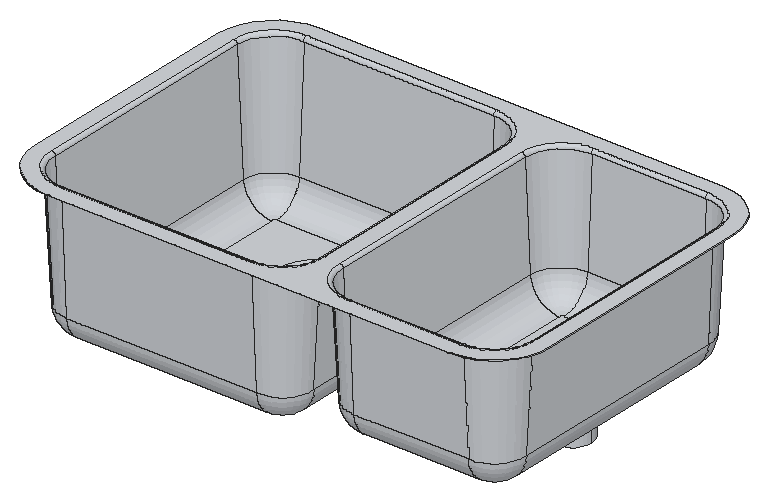
Revit family "Sink_Kitchen_Abey_Builders_OneAndThreeQuarterBowl_R50_FaceBased", category Plumbing Fixtures, host Face, Revit 2022
Family settings
  Host = Face
  Round Connector Dimension = Use Diameter
  Part Type = Normal
  OmniClass Number = 23.31.13.00
  OmniClass Title = Sinks
  Cut with Voids When Loaded = Yes
  Maintain Annotation Orientation = No
  Shared = No
  Room Calculation Point = No
Parameters (values of type "RFA180")
  Waste Connection = yes
  VoidHeightCalc [instance] = if(AboveMount, -40 mm, ManufacturerOverallHeight)  # -40 mm
  Vent Connection = no
  Uniclass2015Version = "Products v1.38"
  Uniclass2015Title = "Kitchen sinks"
  Uniclass2015Code = "Pr_40_20_96_45"
  UnderMount [instance] = no
  URL = "https://www.abey.com.au/"
  Type Comments = "Sink - Kitchen - One And Three Quarter  Bowl - R50 - One And Three Quarter  Bowl Stainless Steel"
  PopOutMaterial = Metal_Abey_StainlessSteel
  ModifiedIssue = 20251103
  Model = "RFA180"
  BodyMaterial = Metal_Abey_StainlessSteel
  ManufacturerURLProductSpecific = "https://www.abeyspecifier.com.au/product/r50-1-3-4-bowl-sink/"
  ManufacturerSpecCode = Model  # "RFA180"
  ManufacturerOverallWidth = 692 mm  # constant formula
  ManufacturerOverallHeight = 200 mm  # constant formula
  ManufacturerOverallDepth = 457 mm  # constant formula
  Manufacturer = "Abey"
  Keynote = ""
  IfcExportType = "SINK"
  IfcExportAs = "IfcSanitaryTerminal"
  HW Connection = no
  FlushMount [instance] = no
  Description = "Abey R50 One& One Third Bowl Sink"
  Default Elevation = 900 mm
  CreatedByURL = "https://igsgroup.com.au"
  CreatedBy = "IGS BIM Solutions"  # constant formula
  Cost = 0
  CW Connection = no
  BasinElevationCalc [instance] = if(UnderMount, 41 mm, if(FlushMount, 1 mm, 0 mm))  # 0 mm
  Assembly Code = "D2010410"
  AboveMount [instance] = yes
Reference planes
  plane 1 "DrainCenter (Front/Back)": y = -43
  plane 2 "WallFace": z = 0
  plane 3 "SinkCenter (Left/Right)": x = 18.07
  plane 4 "Front": y = -346.5
  plane 5 "Back": y = 110.5
  plane 6 "Left": x = -378.93
  plane 7 "Right": x = 313.07
  plane 8 "Top": z = 1
  plane 9 "Bottom": z = -199
  plane 10 "LipBottom": z = 0
Forms (mm)
  Extrusion 1, void
    sketch origin (-129.63, -1678.5, 0) x (0, -1, 0) y (1, 0, 0)
      loop
        arc (-1714, 427.7) -> (-1756.426, 410.126) -> (-1774, 367.7) r 60
        line (-1774, 367.7) -> (-1774, -174.3)
        arc (-1774, -174.3) -> (-1756.426, -216.726) -> (-1714, -234.3) r 60
        line (-1714, -234.3) -> (-1407, -234.3)
        arc (-1407, -234.3) -> (-1364.574, -216.726) -> (-1347, -174.3) r 60
        line (-1347, -174.3) -> (-1347, 367.7)
        arc (-1347, 367.7) -> (-1364.574, 410.126) -> (-1407, 427.7) r 60
        line (-1407, 427.7) -> (-1714, 427.7)
    from 0 to -199
  Extrusion 2, void
    sketch origin (-129.63, -1678.5, 1) x (0, -1, 0) y (-1, 0, 0)
      loop
        arc (-1714, 249.3) -> (-1767.033, 227.333) -> (-1789, 174.3) r 75
        line (-1789, 174.3) -> (-1789, -367.7)
        arc (-1789, -367.7) -> (-1767.033, -420.733) -> (-1714, -442.7) r 75
        line (-1714, -442.7) -> (-1407, -442.7)
        arc (-1407, -442.7) -> (-1353.967, -420.733) -> (-1332, -367.7) r 75
        line (-1332, -367.7) -> (-1332, 174.3)
        arc (-1332, 174.3) -> (-1353.967, 227.333) -> (-1407, 249.3) r 75
        line (-1407, 249.3) -> (-1714, 249.3)
    from 0 to -40 <- "VoidHeightCalc"
  Extrusion 3, void
    sketch origin (-129.63, -1678.5, 1) x (0, -1, 0) y (1, 0, 0)
      loop
        line (-1769, 367.7) -> (-1769, -174.3)
        arc (-1769, -174.3) -> (-1752.891, -213.191) -> (-1714, -229.3) r 55
        line (-1714, -229.3) -> (-1407, -229.3)
        arc (-1407, -229.3) -> (-1368.109, -213.191) -> (-1352, -174.3) r 55
        line (-1352, -174.3) -> (-1352, 367.7)
        arc (-1352, 367.7) -> (-1368.109, 406.591) -> (-1407, 422.7) r 55
        line (-1407, 422.7) -> (-1714, 422.7)
        arc (-1714, 422.7) -> (-1752.891, 406.591) -> (-1769, 367.7) r 55
    from 0 to 40
Text (mm)
  text "Disclaimer:\nDue to ongoing product development and manufacturing evolution, product details are subject to change without notice. Please refer to product technical data sheets on the manufacturers website for the most current product information. Please allow a +/- 5mm manufacturing tolerance for dimensions and set-outs shown in product literature." at (479.514, 74.225, 0), in view "Ref. Level"
Dimensions and locks
  "ManufacturerOverallWidth": plane 6 "Left" to plane 7 "Right"
  "ManufacturerOverallDepth": plane 4 "Front" to plane 5 "Back"
  locked: plane 6 "Left" to plane 3 "SinkCenter (Left/Right)" at 397
  locked: plane 1 "DrainCenter (Front/Back)" to plane 5 "Back" at 153.5
  "ManufacturerOverallHeight": plane 8 "Top" to plane 9 "Bottom"
  locked: plane 8 "Top" to plane 10 "LipBottom" at 1
  "BasinElevationCalc": plane 2 "WallFace" to plane 10 "LipBottom"
  aligned and locked: plane 2 "WallFace" to host face
  aligned and locked: nested 1 to plane 9 "Bottom"
  aligned and locked: nested 1 to plane 3 "SinkCenter (Left/Right)"
Automatic sketch dimensions
  host sketch curve to host sketch curve = 761.75 mm
  host sketch curve to host sketch curve = 527.459 mm
  plane 5 "Back" to Extrusion 3 sketch curve = 20 mm
  Extrusion 3 sketch curve to plane 6 "Left" = 20 mm
  plane 5 "Back" to Extrusion 3 sketch curve = 75 mm
  Extrusion 3 sketch curve to Extrusion 3 sketch curve = 55 mm
  plane 4 "Front" to Extrusion 3 sketch curve = 75 mm  (x2)
  plane 4 "Front" to Extrusion 3 sketch curve = 20 mm
  Extrusion 3 sketch curve to plane 7 "Right" = 75 mm
  plane 5 "Back" to Extrusion 2 sketch curve = 0 mm
  Extrusion 2 sketch curve to plane 6 "Left" = 0 mm
  Extrusion 2 sketch curve to plane 7 "Right" = 0 mm
  Extrusion 2 sketch curve to plane 4 "Front" = 0 mm
  plane 5 "Back" to Extrusion 2 sketch curve = 75 mm  (x2)
  plane 4 "Front" to Extrusion 2 sketch curve = 75 mm
  Extrusion 2 sketch curve to Extrusion 2 sketch curve = 75 mm
  plane 5 "Back" to Extrusion 1 sketch curve = 15 mm
  Extrusion 1 sketch curve to Extrusion 1 sketch curve = 60 mm  (x2)
  Extrusion 1 sketch curve to plane 7 "Right" = 15 mm
  plane 4 "Front" to Extrusion 1 sketch curve = 75 mm  (x2)
  plane 4 "Front" to Extrusion 1 sketch curve = 15 mm
  Extrusion 1 sketch curve to plane 6 "Left" = 75 mm
Nested families
  nested 1: "z_Sink_Kitchen_Abey_Builders_OneAndThreeQuarterBowl_R50" at (-64.63, -154.5, 0), UnderMount <- "UnderMount", FlushMount <- "FlushMount", AboveMount <- "AboveMount", type "Type 1"
    with VoidHeightCalc -40 mm, UnderMount no, FlushMount no, BasinElevationCalc 0 mm, AboveMount yes
Connectors
  piping at (-175.43, -43, -280), diameter 50, driven by "Waste Connection"
    settings: on nested 1, index 2, connector inside diameter 24", connector length 0 mm, flow factor 0, pipe flow 0.00 L/s, pressure drop 0 kPa, fitting loss kfactor 0, connector angle 0.00°, fixture units 0, engagement length 0 mm, angle of deflection 0.00°, flow configuration 2, flow direction 2, fitting loss method 4, system type 16, joint type 0, gender type 0, connector reference index -1, connector utility 1, adjustable connector no, is connector primary yes, connector description "Waste Outlet"
  piping at (160.57, -43, -260), diameter 50, driven by "Waste Connection"
    settings: on nested 1, index 3, connector inside diameter 24", connector length 0 mm, flow factor 0, pipe flow 0.00 L/s, pressure drop 0 kPa, fitting loss kfactor 0, connector angle 0.00°, fixture units 0, engagement length 0 mm, angle of deflection 0.00°, flow configuration 2, flow direction 2, fitting loss method 4, system type 16, joint type 0, gender type 0, connector reference index -1, connector utility 1, adjustable connector no, is connector primary no, connector description "Waste Outlet"
Definition of nested family "z_Sink_Kitchen_Abey_Builders_OneAndThreeQuarterBowl_R50"
  Parameters (values of type "Type 1")
    Waste Connection = yes
    VoidHeightCalc [instance] = if(AboveMount, -40 mm, ManufacturerOverallHeight)  # 200 mm
    Vent Connection = no
    UnderMount [instance] = yes
    URL = "https://www.abey.com.au/"
    Type Comments = ""
    PopOutMaterial = none
    Model = ""
    Default Elevation = 0 mm
    BasinElevationCalc [instance] = if(UnderMount, 41 mm, if(FlushMount, 1 mm, 0 mm))  # 41 mm
    FlushMount [instance] = no
    BodyMaterial = none
    ManufacturerOverallWidth = 692 mm  # constant formula
    ManufacturerOverallHeight = 200 mm  # constant formula
    ManufacturerOverallDepth = 457 mm  # constant formula
    Manufacturer = "Abey"
    HW Connection = no
    Description = ""
    CreatedByURL = "https://igsgroup.com.au"
    CreatedBy = "IGS BIM Solutions"  # constant formula
    CW Connection = no
    Assembly Code = "D2010410"
    AboveMount [instance] = no
  Reference planes
    plane 1 "Ref. Level": z = 0
    plane 2 "Left": x = -314.3
    plane 3 "Right": x = 377.7
    plane 4 "Back": y = 265
    plane 5 "Front": y = -192
    plane 6 "Bottom": z = -240
    plane 7 "Top": z = -40
    plane 8 "MountingHeight": z = -41
    plane 9 "SinkCenter (Left/Right)": x = 82.7
    plane 10 "DrainCenter (Front/Back)": y = 111.5
  Forms (mm)
    Extrusion 1, solid, material <- "BodyMaterial"
      sketch origin (-65, -1524, -40) x (0, -1, 0) y (-1, 0, 0)
        loop
          line (-1789, 174.3) -> (-1789, -367.7)
          arc (-1789, -367.7) -> (-1767.033, -420.733) -> (-1714, -442.7) r 75
          line (-1714, -442.7) -> (-1407, -442.7)
          arc (-1407, -442.7) -> (-1353.967, -420.733) -> (-1332, -367.7) r 75
          line (-1332, -367.7) -> (-1332, 174.3)
          arc (-1332, 174.3) -> (-1353.967, 227.333) -> (-1407, 249.3) r 75
          line (-1407, 249.3) -> (-1714, 249.3)
          arc (-1714, 249.3) -> (-1767.033, 227.333) -> (-1789, 174.3) r 75
        loop
          arc (-1346.52, 173.545) -> (-1364.455, 216.845) -> (-1407.755, 234.78) r 61.235
          line (-1407.755, 234.78) -> (-1713.245, 234.78)
          arc (-1713.245, 234.78) -> (-1756.545, 216.845) -> (-1774.48, 173.545) r 61.235
          line (-1774.48, 173.545) -> (-1774.48, -81.945)
          arc (-1774.48, -81.945) -> (-1756.545, -125.245) -> (-1713.245, -143.18) r 61.235
          line (-1713.245, -143.18) -> (-1407.755, -143.18)
          arc (-1407.755, -143.18) -> (-1364.455, -125.245) -> (-1346.52, -81.945) r 61.235
          line (-1346.52, -81.945) -> (-1346.52, 173.545)
        loop
          arc (-1771.245, -366.945) -> (-1754.257, -407.957) -> (-1713.245, -424.945) r 58
          line (-1713.245, -424.945) -> (-1407.755, -424.945)
          arc (-1407.755, -424.945) -> (-1366.743, -407.957) -> (-1349.755, -366.945) r 58
          line (-1349.755, -366.945) -> (-1349.755, -213.455)
          arc (-1349.755, -213.455) -> (-1366.743, -172.443) -> (-1407.755, -155.455) r 58
          line (-1407.755, -155.455) -> (-1713.245, -155.455)
          arc (-1713.245, -155.455) -> (-1754.257, -172.443) -> (-1771.245, -213.455) r 58
          line (-1771.245, -213.455) -> (-1771.245, -366.945)
      from 0 to 1
    Sweep 2, solid, material <- "BodyMaterial"
      path origin (0, 0, -240) x (0, -1, 0) y (1, 0, 0)
        loop
          arc (116.245, -293.545) -> (155.136, -277.436) -> (171.245, -238.545) r 55
          line (171.245, -238.545) -> (171.245, 16.945)
          arc (171.245, 16.945) -> (155.136, 55.836) -> (116.245, 71.945) r 55
          line (116.245, 71.945) -> (-189.245, 71.945)
          arc (-189.245, 71.945) -> (-228.136, 55.836) -> (-244.245, 16.945) r 55
          line (-244.245, 16.945) -> (-244.245, -238.545)
          arc (-244.245, -238.545) -> (-228.136, -277.436) -> (-189.245, -293.545) r 55
          line (-189.245, -293.545) -> (116.245, -293.545)
      profile origin (-293.545, 36.5, -240) x (-1, 0, 0) y (0, 0, 1)
        loop
          line (-4.993, 195.262) -> (-13.339, 36.011)
          arc (-13.339, 36.011) -> (-25.13, 10.436) -> (-51.287, 0) r 38
          line (-51.287, 0) -> (-53, 0) -> (-53, -1) -> (-51.287, -1)
          arc (-51.287, -1) -> (-24.441, 9.71) -> (-12.34, 35.959) r 39
          line (-12.34, 35.959) -> (-3.995, 195.209)
          arc (-3.995, 195.209) -> (-2.753, 197.901) -> (0, 199) r 4
          line (0, 199) -> (6.235, 199) -> (6.235, 200) -> (0, 200)
          arc (0, 200) -> (-3.442, 198.627) -> (-4.993, 195.262) r 5
    Extrusion 3, solid, material <- "BodyMaterial"
      sketch origin (0, 0, -240) x (0, -1, 0) y (1, 0, 0)
        loop
          arc (-191.245, -238.545) -> (-190.659, -239.959) -> (-189.245, -240.545) r 2
          line (-189.245, -240.545) -> (116.245, -240.545)
          arc (116.245, -240.545) -> (117.659, -239.959) -> (118.245, -238.545) r 2
          line (118.245, -238.545) -> (118.245, 16.945)
          arc (118.245, 16.945) -> (117.659, 18.359) -> (116.245, 18.945) r 2
          line (116.245, 18.945) -> (-189.245, 18.945)
          arc (-189.245, 18.945) -> (-190.659, 18.359) -> (-191.245, 16.945) r 2
          line (-191.245, 16.945) -> (-191.245, -238.545)
        loop
          circle (-111.5, -110.8) r 61.25
      from 0 to -1
    Revolve 4, solid, material <- "BodyMaterial"
      sketch origin (0, 111.5, 0) x (1, 0, 0) y (0, 0, 1)
        loop
          line (-155.8, -249.059) -> (-167.754, -246.518) -> (-172.05, -240) -> (-173.248, -240) -> (-168.364, -247.411) -> (-155.8, -250.082) -> (-155.8, -249.059)
        axis (-110.8, -240) -> (-110.8, -250.082)
      angle from 0 to 360
    Sweep 5, solid, material <- "BodyMaterial"
      path origin (0, 0, -240) x (0, -1, 0) y (1, 0, 0)
        loop
          arc (116.245, 93.455) -> (155.136, 109.564) -> (171.245, 148.455) r 55
          line (171.245, 148.455) -> (171.245, 301.945)
          arc (171.245, 301.945) -> (155.136, 340.836) -> (116.245, 356.945) r 55
          line (116.245, 356.945) -> (-189.245, 356.945)
          arc (-189.245, 356.945) -> (-228.136, 340.836) -> (-244.245, 301.945) r 55
          line (-244.245, 301.945) -> (-244.245, 148.455)
          arc (-244.245, 148.455) -> (-228.136, 109.564) -> (-189.245, 93.455) r 55
          line (-189.245, 93.455) -> (116.245, 93.455)
      profile origin (93.455, 36.5, -240) x (-1, 0, 0) y (0, 0, 1)
        loop
          line (0, 199) -> (3, 199) -> (3, 200) -> (0, 200)
          arc (0, 200) -> (-3.442, 198.627) -> (-4.993, 195.262) r 5
          line (-4.993, 195.262) -> (-12.241, 56.959)
          arc (-12.241, 56.959) -> (-24.342, 30.71) -> (-51.188, 20) r 39
          line (-51.188, 20) -> (-53, 20) -> (-53, 19) -> (-51.188, 19)
          arc (-51.188, 19) -> (-23.654, 29.985) -> (-11.243, 56.907) r 40
          line (-11.243, 56.907) -> (-3.995, 195.209)
          arc (-3.995, 195.209) -> (-2.753, 197.901) -> (0, 199) r 4
    Revolve 6, solid, material <- "BodyMaterial"
      sketch origin (336, 111.5, 20) x (1, 0, 0) y (0, 0, 1)
        loop
          line (-155.8, -249.059) -> (-167.754, -246.518) -> (-172.05, -240) -> (-173.248, -240) -> (-168.364, -247.411) -> (-155.8, -250.082) -> (-155.8, -249.059)
        axis (-110.8, -240) -> (-110.8, -250.082)
      angle from 0 to 360
    Extrusion 7, solid, material <- "BodyMaterial"
      sketch origin (0, 0, -240) x (0, -1, 0) y (1, 0, 0)
        loop
          arc (-191.245, 148.455) -> (-190.659, 147.041) -> (-189.245, 146.455) r 2
          line (-189.245, 146.455) -> (116.245, 146.455)
          arc (116.245, 146.455) -> (117.659, 147.041) -> (118.245, 148.455) r 2
          line (118.245, 148.455) -> (118.245, 301.945)
          arc (118.245, 301.945) -> (117.659, 303.359) -> (116.245, 303.945) r 2
          line (116.245, 303.945) -> (-189.245, 303.945)
          arc (-189.245, 303.945) -> (-190.659, 303.359) -> (-191.245, 301.945) r 2
          line (-191.245, 301.945) -> (-191.245, 148.455)
        loop
          circle (-111.5, 225.2) r 61.25
      from 19 to 20
  Cuts and joins
    joined: Extrusion 1, Sweep 2, Extrusion 3, Revolve 4, Sweep 5, Revolve 6, Extrusion 7
  Lines and regions (mm)
    Masking region 1, visible <- "AboveMount"
      outline origin (0, 0, -40) x (0, -1, 0) y (1, 0, 0)
        loop
          arc (-265, -239.3) -> (-243.033, -292.333) -> (-190, -314.3) r 75
          line (-190, -314.3) -> (117, -314.3)
          arc (117, -314.3) -> (170.033, -292.333) -> (192, -239.3) r 75
          line (192, -239.3) -> (192, 302.7)
          arc (192, 302.7) -> (170.033, 355.733) -> (117, 377.7) r 75
          line (117, 377.7) -> (-190, 377.7)
          arc (-190, 377.7) -> (-243.033, 355.733) -> (-265, 302.7) r 75
          line (-265, 302.7) -> (-265, -239.3)
    Masking region 2, visible <- "UnderMount"
      outline origin (0, 0, -40) x (0, -1, 0) y (1, 0, 0)
        loop
          arc (-245, -239.3) -> (-228.891, -278.191) -> (-190, -294.3) r 55
          line (-190, -294.3) -> (117, -294.3)
          arc (117, -294.3) -> (155.891, -278.191) -> (172, -239.3) r 55
          line (172, -239.3) -> (172, 302.7)
          arc (172, 302.7) -> (155.891, 341.591) -> (117, 357.7) r 55
          line (117, 357.7) -> (-190, 357.7)
          arc (-190, 357.7) -> (-228.891, 341.591) -> (-245, 302.7) r 55
          line (-245, 302.7) -> (-245, -239.3)
    Masking region 3, visible <- "FlushMount"
      outline origin (0, 0, -40) x (0, -1, 0) y (1, 0, 0)
        loop
          arc (-265, -239.3) -> (-243.033, -292.333) -> (-190, -314.3) r 75
          line (-190, -314.3) -> (117, -314.3)
          arc (117, -314.3) -> (170.033, -292.333) -> (192, -239.3) r 75
          line (192, -239.3) -> (192, 302.7)
          arc (192, 302.7) -> (170.033, 355.733) -> (117, 377.7) r 75
          line (117, 377.7) -> (-190, 377.7)
          arc (-190, 377.7) -> (-243.033, 355.733) -> (-265, 302.7) r 75
          line (-265, 302.7) -> (-265, -239.3)
    symbolic lines, detail levels medium+fine
      curve 1: arc (-238.8, 229.5, -40) -> (-267.084, 217.784, -40) -> (-278.8, 189.5, -40) r 40
      curve 2: line (-278.8, 189.5, -40) -> (-278.8, -116.5, -40)
      curve 3: arc (-278.8, -116.5, -40) -> (-267.084, -144.784, -40) -> (-238.8, -156.5, -40) r 40
      curve 4: line (-238.8, -156.5, -40) -> (17.2, -156.5, -40)
      curve 5: arc (17.2, -156.5, -40) -> (45.484, -144.784, -40) -> (57.2, -116.5, -40) r 40
      curve 6: line (57.2, -116.5, -40) -> (57.2, 189.5, -40)
      curve 7: arc (57.2, 189.5, -40) -> (45.484, 217.784, -40) -> (17.2, 229.5, -40) r 40
      curve 8: line (17.2, 229.5, -40) -> (-238.8, 229.5, -40)
      curve 9: line (302.2, 229.5, -40) -> (148.2, 229.5, -40)
      curve 10: line (108.2, 189.5, -40) -> (108.2, -116.5, -40)
      curve 11: line (302.2, -156.5, -40) -> (148.2, -156.5, -40)
      curve 12: line (342.2, 189.5, -40) -> (342.2, -116.5, -40)
      curve 13: arc (108.2, -116.5, -40) -> (119.916, -144.784, -40) -> (148.2, -156.5, -40) r 40
      curve 14: arc (302.2, -156.5, -40) -> (330.484, -144.784, -40) -> (342.2, -116.5, -40) r 40
      curve 15: arc (342.2, 189.5, -40) -> (330.484, 217.784, -40) -> (302.2, 229.5, -40) r 40
      curve 16: arc (108.2, 189.5, -40) -> (119.916, 217.784, -40) -> (148.2, 229.5, -40) r 40
      curve 17: line (-288.8, -116.5, -40) -> (-288.8, 189.5, -40)
      curve 18: line (17.2, -166.5, -40) -> (-238.8, -166.5, -40)
      curve 19: line (67.2, 189.5, -40) -> (67.2, -116.5, -40)
      curve 20: arc (-238.8, -166.5, -40) -> (-274.155, -151.855, -40) -> (-288.8, -116.5, -40) r 50
      curve 21: arc (17.2, -166.5, -40) -> (52.555, -151.855, -40) -> (67.2, -116.5, -40) r 50
      curve 22: arc (67.2, 189.5, -40) -> (52.555, 224.855, -40) -> (17.2, 239.5, -40) r 50
      curve 23: arc (-288.8, 189.5, -40) -> (-274.155, 224.855, -40) -> (-238.8, 239.5, -40) r 50
      curve 24: line (-238.8, 239.5, -40) -> (17.2, 239.5, -40)
      curve 25: line (352.2, -116.5, -40) -> (352.2, 189.5, -40)
      curve 26: line (148.2, -166.5, -40) -> (302.2, -166.5, -40)
      curve 27: line (98.2, 189.5, -40) -> (98.2, -116.5, -40)
      curve 28: arc (302.2, -166.5, -40) -> (337.555, -151.855, -40) -> (352.2, -116.5, -40) r 50
      curve 29: arc (148.2, -166.5, -40) -> (112.845, -151.855, -40) -> (98.2, -116.5, -40) r 50
      curve 30: arc (98.2, 189.5, -40) -> (112.845, 224.855, -40) -> (148.2, 239.5, -40) r 50
      curve 31: arc (352.2, 189.5, -40) -> (337.555, 224.855, -40) -> (302.2, 239.5, -40) r 50
      curve 32: line (302.2, 239.5, -40) -> (148.2, 239.5, -40)
      curve 33: circle (-110.8, 111.5, -40) r 45 normal (0, 0, -1)
      curve 34: circle (225.2, 111.5, -40) r 45 normal (0, 0, -1)
    symbolic lines
      curve 35: arc (-281.204, -192, -204.041) -> (-269.104, -192, -230.29) -> (-242.258, -192, -241) r 39
      curve 36: arc (59.604, -192, -204.041) -> (47.504, -192, -230.29) -> (20.658, -192, -241) r 39
      curve 37: arc (144.643, -192, -221) -> (117.109, -192, -210.015) -> (104.698, -192, -183.093) r 40
      curve 38: arc (305.757, -192, -221) -> (333.291, -192, -210.015) -> (345.702, -192, -183.093) r 40
  Dimensions and locks
    "ManufacturerOverallWidth": plane 2 "Left" to plane 3 "Right"
    "ManufacturerOverallDepth": plane 4 "Back" to plane 5 "Front"
    "ManufacturerOverallHeight": plane 7 "Top" to plane 6 "Bottom"
    locked: plane 7 "Top" to plane 8 "MountingHeight" at 1
    locked: plane 2 "Left" to plane 9 "SinkCenter (Left/Right)" at 397
    "BasinElevationCalc": plane 1 "Ref. Level" to plane 8 "MountingHeight"
    locked: plane 10 "DrainCenter (Front/Back)" to plane 4 "Back" at 153.5
    aligned and locked: level to plane 1 "Ref. Level"
    aligned and locked: plane 10 "DrainCenter (Front/Back)" to nested 1
    aligned and locked: plane 10 "DrainCenter (Front/Back)" to nested 2
    aligned and locked: nested 1 to plane 6 "Bottom"
    aligned and locked: cut or joined group of Extrusion 1, Sweep 2, Extrusion 3, Revolve 4, Sweep 5, Revolve 6, Extrusion 7 to nested 2
  Automatic sketch dimensions
    plane 4 "Back" to Extrusion 1 sketch curve = 0 mm
    Extrusion 1 sketch curve to plane 3 "Right" = 0 mm
    Extrusion 1 sketch curve to plane 2 "Left" = 0 mm
    Extrusion 1 sketch curve to plane 5 "Front" = 0 mm
    plane 4 "Back" to Extrusion 1 sketch curve = 14.52 mm
    plane 4 "Back" to Extrusion 1 sketch curve = 17.755 mm
    Extrusion 1 sketch curve to Extrusion 1 sketch curve = 58 mm
    Extrusion 1 sketch curve to Extrusion 1 sketch curve = 0.755 mm  (x5)
    plane 9 "SinkCenter (Left/Right)" to Extrusion 1 sketch curve = 4.52 mm
    Extrusion 1 sketch curve to Extrusion 1 sketch curve = 0 mm  (x2)
    plane 5 "Front" to Extrusion 1 sketch curve = 75.755 mm  (x3)
    plane 5 "Front" to Extrusion 1 sketch curve = 17.755 mm
    plane 5 "Front" to Extrusion 1 sketch curve = 14.52 mm
    plane 4 "Back" to Masking region 1 sketch curve = 0 mm
    Masking region 1 sketch curve to plane 2 "Left" = 0 mm
    Masking region 1 sketch curve to plane 3 "Right" = 0 mm
    Masking region 1 sketch curve to plane 5 "Front" = 0 mm
    plane 4 "Back" to Masking region 1 sketch curve = 75 mm
    Masking region 1 sketch curve to Masking region 1 sketch curve = 75 mm  (x2)
    plane 2 "Left" to Masking region 1 sketch curve = 75 mm
    plane 4 "Back" to Masking region 2 sketch curve = 20 mm
    Masking region 2 sketch curve to Masking region 2 sketch curve = 55 mm  (x3)
    plane 5 "Front" to Masking region 2 sketch curve = 75 mm  (x2)
    plane 4 "Back" to Sweep 2 sketch curve = 20.755 mm
    plane 4 "Back" to Sweep 2 sketch curve = 75.755 mm  (x2)
    plane 5 "Front" to Sweep 2 sketch curve = 75.755 mm  (x2)
    plane 5 "Front" to Sweep 2 sketch curve = 20.755 mm
    Sweep 2 sketch curve to Sweep 2 sketch curve = 0 mm  (x4)
    Sweep 2 sketch curve to plane 6 "Bottom" = 0 mm
    Sweep 2 sketch curve to profile plane = 0 mm
    profile plane to Sweep 2 sketch curve = 3.995 mm
    Sweep 2 sketch curve to Sweep 2 sketch curve = 0.999 mm  (x2)
    profile plane to Sweep 2 sketch curve = 12.34 mm
    Sweep 2 sketch curve to Sweep 2 sketch curve = 37.948 mm
    Sweep 2 sketch curve to Sweep 2 sketch curve = 1.713 mm
    Sweep 2 sketch curve to Sweep 2 sketch curve = 6.235 mm
    Sweep 2 sketch curve to Sweep 2 sketch curve = 1 mm
    Sweep 2 sketch curve to plane 6 "Bottom" = 35.959 mm
    Sweep 2 sketch curve to Sweep 2 sketch curve = 159.041 mm
    Sweep 2 sketch curve to Sweep 2 sketch curve = 0.209 mm
    Sweep 2 sketch curve to Sweep 2 sketch curve = 0.052 mm
    plane 10 "DrainCenter (Front/Back)" to Extrusion 3 sketch curve = 0 mm
    plane 4 "Back" to Extrusion 3 sketch curve = 75.755 mm  (x2)
    Extrusion 3 sketch curve to Extrusion 3 sketch curve = 2 mm  (x2)
    plane 5 "Front" to Extrusion 3 sketch curve = 75.755 mm  (x2)
    plane 4 "Back" to Sweep 5 sketch curve = 20.755 mm
    plane 4 "Back" to Sweep 5 sketch curve = 75.755 mm  (x2)
    plane 5 "Front" to Sweep 5 sketch curve = 75.755 mm  (x2)
    plane 5 "Front" to Sweep 5 sketch curve = 20.755 mm
    Sweep 5 sketch curve to Sweep 5 sketch curve = 0 mm  (x4)
    Sweep 5 sketch curve to profile plane = 0 mm
    profile plane to Sweep 5 sketch curve = 3.995 mm
    Sweep 5 sketch curve to Sweep 5 sketch curve = 0.999 mm  (x2)
    profile plane to Sweep 5 sketch curve = 11.243 mm
    Sweep 5 sketch curve to plane 6 "Bottom" = 20 mm
    profile plane to Sweep 5 sketch curve = 51.188 mm
    Sweep 5 sketch curve to Sweep 5 sketch curve = 1.812 mm
    Sweep 5 sketch curve to profile plane = 3 mm
    Sweep 5 sketch curve to Sweep 5 sketch curve = 1 mm
    Sweep 5 sketch curve to Sweep 5 sketch curve = 36.907 mm
    Sweep 5 sketch curve to Sweep 5 sketch curve = 138.093 mm
    Sweep 5 sketch curve to Sweep 5 sketch curve = 0.209 mm
    Sweep 5 sketch curve to Sweep 5 sketch curve = 0.052 mm
    plane 4 "Back" to Extrusion 7 sketch curve = 73.755 mm
    Extrusion 7 sketch curve to Extrusion 7 sketch curve = 2 mm  (x3)
    plane 5 "Front" to Extrusion 7 sketch curve = 75.755 mm  (x2)
    plane 4 "Back" to Masking region 3 sketch curve = 0 mm
    Masking region 3 sketch curve to plane 2 "Left" = 0 mm
    Masking region 3 sketch curve to plane 3 "Right" = 0 mm
    Masking region 3 sketch curve to plane 5 "Front" = 0 mm
    plane 4 "Back" to Masking region 3 sketch curve = 75 mm
    plane 5 "Front" to Masking region 3 sketch curve = 75 mm
    plane 2 "Left" to Masking region 3 sketch curve = 75 mm
    curve 1 to curve 23 = 0 mm  (x2)
    curve 3 to curve 20 = 0 mm  (x2)
    curve 5 to curve 21 = 0 mm
    curve 7 to curve 22 = 0 mm  (x2)
    curve 13 to curve 29 = 0 mm  (x2)
    curve 14 to curve 28 = 0 mm  (x2)
    curve 15 to curve 31 = 0 mm
    curve 16 to curve 30 = 0 mm  (x2)
    plane 10 "DrainCenter (Front/Back)" to curve 33 = 0 mm
    plane 10 "DrainCenter (Front/Back)" to curve 34 = 0 mm
    plane 4 "Back" to curve 1 = 75.5 mm
    plane 4 "Back" to curve 16 = 75.5 mm
    curve 19 to curve 27 = 0 mm
    curve 22 to curve 8 = 10 mm
    curve 30 to curve 9 = 10 mm
    plane 5 "Front" to curve 2 = 75.5 mm
    plane 5 "Front" to curve 19 = 75.5 mm
    plane 5 "Front" to curve 14 = 75.5 mm
    plane 5 "Front" to curve 13 = 75.5 mm
    plane 5 "Front" to curve 4 = 35.5 mm
    plane 5 "Front" to curve 11 = 35.5 mm
    Revolve 6 sketch curve to plane 6 "Bottom" = 10.941 mm
    Revolve 6 sketch curve to plane 6 "Bottom" = 13.482 mm
    Revolve 6 sketch curve to Revolve 6 sketch curve = 11.954 mm
    Revolve 6 sketch curve to plane 6 "Bottom" = 12.589 mm
    Revolve 6 sketch curve to Revolve 6 sketch curve = 0.609 mm
    Revolve 6 sketch curve to plane 6 "Bottom" = 20 mm
    Revolve 6 sketch curve to Revolve 6 sketch curve = 4.296 mm
    Revolve 6 sketch curve to Revolve 6 sketch curve = 1.198 mm
    Revolve 6 sketch curve to Revolve 6 sketch curve = 1.022 mm
    Revolve 6 sketch curve to plane 6 "Bottom" = 13.34 mm
    Revolve 6 sketch curve to Revolve 6 sketch curve = 6.66 mm
    Revolve 4 sketch curve to plane 6 "Bottom" = 0 mm  (x2)
    plane 6 "Bottom" to Revolve 4 sketch curve = 9.059 mm
    plane 6 "Bottom" to Revolve 4 sketch curve = 6.518 mm
    Revolve 4 sketch curve to Revolve 4 sketch curve = 11.954 mm
    plane 6 "Bottom" to Revolve 4 sketch curve = 7.411 mm
    Revolve 4 sketch curve to Revolve 4 sketch curve = 0.609 mm
    Revolve 4 sketch curve to Revolve 4 sketch curve = 4.296 mm
    Revolve 4 sketch curve to Revolve 4 sketch curve = 1.198 mm
    Revolve 4 sketch curve to Revolve 4 sketch curve = 1.022 mm
    plane 6 "Bottom" to Revolve 4 sketch curve = 6.66 mm
    plane 4 "Back" to curve 8 = 35.5 mm
    plane 4 "Back" to curve 9 = 35.5 mm
    plane 3 "Right" to curve 25 = 25.5 mm
    curve 15 to curve 25 = 40 mm
    plane 2 "Left" to curve 8 = 75.5 mm
    plane 9 "SinkCenter (Left/Right)" to curve 4 = 65.5 mm
    curve 27 to plane 9 "SinkCenter (Left/Right)" = 15.5 mm
    Extrusion 1 sketch curve to Extrusion 1 sketch curve = 57.245 mm
    Extrusion 1 sketch curve to Extrusion 1 sketch curve = 60.48 mm
    plane 2 "Left" to Extrusion 1 sketch curve = 14.52 mm
    Extrusion 1 sketch curve to plane 9 "SinkCenter (Left/Right)" = 7.755 mm
    plane 2 "Left" to Masking region 2 sketch curve = 20 mm
    plane 3 "Right" to Masking region 2 sketch curve = 75 mm
    Masking region 3 sketch curve to Masking region 3 sketch curve = 75 mm
    plane 2 "Left" to Sweep 2 sketch curve = 20.755 mm
    plane 9 "SinkCenter (Left/Right)" to Sweep 2 sketch curve = 65.755 mm
    plane 2 "Left" to Extrusion 3 sketch curve = 75.755 mm
    plane 9 "SinkCenter (Left/Right)" to Extrusion 3 sketch curve = 65.755 mm
    Sweep 5 sketch curve to plane 9 "SinkCenter (Left/Right)" = 10.755 mm
    plane 3 "Right" to Sweep 5 sketch curve = 75.755 mm
    plane 10 "DrainCenter (Front/Back)" to Extrusion 7 sketch curve = 0 mm
    Extrusion 7 sketch curve to plane 9 "SinkCenter (Left/Right)" = 65.755 mm
    plane 3 "Right" to Extrusion 7 sketch curve = 75.755 mm
    curve 1 to curve 33 = 128 mm
    curve 34 to curve 15 = 77 mm
    Extrusion 3 sketch curve to Extrusion 3 sketch curve = 127.745 mm
    plane 2 "Left" to Revolve 4 sketch curve = 141.052 mm
    Revolve 4 sketch curve to Revolve 4 sketch curve = 45 mm
    Revolve 6 sketch curve to plane 9 "SinkCenter (Left/Right)" = 80.052 mm
    Revolve 6 sketch curve to Revolve 6 sketch curve = 45 mm
    Extrusion 7 sketch curve to Extrusion 7 sketch curve = 76.745 mm
    curve 35 to plane 2 "Left" = 72.042 mm
    curve 36 to plane 9 "SinkCenter (Left/Right)" = 62.042 mm
    plane 9 "SinkCenter (Left/Right)" to curve 37 = 61.943 mm
    curve 38 to plane 3 "Right" = 71.943 mm
    plane 6 "Bottom" to curve 35 = 38 mm
    plane 6 "Bottom" to curve 36 = 38 mm
    plane 6 "Bottom" to curve 37 = 59 mm
    plane 6 "Bottom" to curve 38 = 59 mm
    curve 35 to plane 2 "Left" = 33.096 mm
    curve 36 to plane 9 "SinkCenter (Left/Right)" = 23.096 mm
    plane 9 "SinkCenter (Left/Right)" to curve 37 = 21.998 mm
    curve 38 to plane 3 "Right" = 31.998 mm
    plane 6 "Bottom" to curve 36 = 35.959 mm
    plane 6 "Bottom" to curve 35 = 35.959 mm
    curve 38 to curve 38 = 40 mm
    curve 37 to curve 37 = 40 mm
    radius of Extrusion 3 sketch curve = 61.25 mm
    radius of curve 33 = 45 mm
    radius of curve 34 = 45 mm
    radius of Extrusion 7 sketch curve = 61.25 mm
  Nested families
    nested 1: "z_WasteOutlet_Abey_90mm" at (-208.82, 266.5, -240), type "Type 1"
    nested 2: "z_WasteOutlet_Abey_90mm" at (127.18, 266.5, -220), type "Type 1"
  Definition of nested family "z_WasteOutlet_Abey_90mm"
    Parameters (values of type "Type 1")
      Waste Connection = no
      WFU = 0
      Vent Connection = no
      URL = ""
      Type Comments = ""
      Model = ""
      ManufacturerOverallWidth = 90 mm  # constant formula
      ManufacturerOverallHeight = 81 mm  # constant formula
      ManufacturerOverallDepth = 90 mm  # constant formula
      Manufacturer = "Abey"
      Keynote = ""
      HWFU = 0
      HW Connection = no
      Description = ""
      Default Elevation = 0 mm
      CreatedBy = "IGS BIM Solutions"
      Cost = 0
      CWFU = 0
      CW Connection = no
      Material = none
      Assembly Code = ""
    Reference planes
      plane 1 "Ref. Level": z = 0
      plane 2 "Center (Left/Right)": x = 98.02
      plane 3 "Bottom": z = -81
      plane 4 "Back": y = -110
      plane 5 "Left": x = 53.02
      plane 6 "Front": y = -200
      plane 7 "Right": x = 143.02
      plane 8 "Top": z = 0
      plane 9 "Center (Front/Back)": y = -155
      plane 10 "Center (Elevation)": z = -40.5
    Forms (mm)
      Revolve 1, solid, material <- "Material"
        sketch origin (-684.381, -155, 4000) x (-1, 0, 0) y (0, 0, 1)
          loop
            line (-782.401, -4000) -> (-785.062, -4000)
            arc (-785.062, -4000) -> (-787.286, -4001.452) -> (-786.852, -4004.073) r 2.429
            arc (-786.852, -4004.073) -> (-785.915, -4009.961) -> (-790.971, -4013.122) r 5.399
            arc (-790.971, -4013.122) -> (-803.748, -4012.353) -> (-816.445, -4010.727) r 190.039
            arc (-816.445, -4010.727) -> (-818.249, -4009.71) -> (-818.964, -4007.766) r 3
            line (-818.964, -4007.766) -> (-818.964, -4000) -> (-827.401, -4000) -> (-827.401, -4027) -> (-817.401, -4027) -> (-807.401, -4057) -> (-807.401, -4081) -> (-806.401, -4081) -> (-806.401, -4056.838) -> (-816.681, -4026) -> (-826.401, -4026) -> (-826.401, -4001) -> (-819.964, -4001) -> (-819.964, -4007.766)
            arc (-819.964, -4007.766) -> (-819.011, -4010.358) -> (-816.605, -4011.714) r 4
            arc (-816.605, -4011.714) -> (-803.842, -4013.349) -> (-790.997, -4014.121) r 191.039
            arc (-790.997, -4014.121) -> (-785.005, -4010.376) -> (-786.115, -4003.396) r 6.399
            arc (-786.115, -4003.396) -> (-786.371, -4001.854) -> (-785.062, -4001) r 1.429
            line (-785.062, -4001) -> (-782.401, -4001) -> (-782.401, -4000)
          axis (-782.401, -4081) -> (-782.401, -4000)
        angle from 0 to 360
    Lines and regions (mm)
      Masking region 1
        outline origin (0, 0, 0) x (-1, 0, 0) y (0, -1, 0)
          loop
            circle (-98.02, 155) r 45
      symbolic lines, detail levels fine
        curve 1: circle (98.02, -155, 0) r 36.508 normal (0, 0, 1)
        curve 2: circle (98.02, -155, 0) r 5 normal (0, 0, 1)
    Dimensions and locks
      "ManufacturerOverallDepth": plane 6 "Front" to plane 4 "Back"
      equal spacing: plane 6 "Front", plane 9 "Center (Front/Back)", plane 4 "Back"
      equal spacing: plane 5 "Left", plane 2 "Center (Left/Right)", plane 7 "Right"
      "ManufacturerOverallWidth": plane 5 "Left" to plane 7 "Right"
      "ManufacturerOverallHeight": plane 8 "Top" to plane 3 "Bottom"
      equal spacing: plane 8 "Top", plane 10 "Center (Elevation)", plane 3 "Bottom"
    Automatic sketch dimensions
      Masking region 1 sketch curve to plane 2 "Center (Left/Right)" = 0 mm
      plane 9 "Center (Front/Back)" to Masking region 1 sketch curve = 0 mm
      curve 1 to curve 2 = 0 mm  (x2)
      curve 2 to plane 2 "Center (Left/Right)" = 0 mm
      plane 9 "Center (Front/Back)" to curve 2 = 0 mm
      Revolve 1 sketch curve to Revolve 1 sketch curve = 0 mm  (x13)
      Revolve 1 sketch curve to plane 3 "Bottom" = 0 mm
      Revolve 1 sketch curve to level = 0 mm  (x3)
      Revolve 1 sketch curve to plane 2 "Center (Left/Right)" = 0 mm  (x2)
      plane 7 "Right" to Revolve 1 sketch curve = 1 mm
      plane 7 "Right" to Revolve 1 sketch curve = 7.437 mm
      Revolve 1 sketch curve to Revolve 1 sketch curve = 10 mm
      Revolve 1 sketch curve to Revolve 1 sketch curve = 3 mm
      Revolve 1 sketch curve to Revolve 1 sketch curve = 1 mm  (x3)
      Revolve 1 sketch curve to plane 2 "Center (Left/Right)" = 8.428 mm
      Revolve 1 sketch curve to plane 2 "Center (Left/Right)" = 3.562 mm
      level to Revolve 1 sketch curve = 1 mm  (x2)
      Revolve 1 sketch curve to Revolve 1 sketch curve = 2.661 mm
      Revolve 1 sketch curve to Revolve 1 sketch curve = 0.162 mm
      Revolve 1 sketch curve to Revolve 1 sketch curve = 7.766 mm
      level to Revolve 1 sketch curve = 7.724 mm
      Revolve 1 sketch curve to Revolve 1 sketch curve = 1.429 mm
      Revolve 1 sketch curve to level = 176.852 mm
      Revolve 1 sketch curve to Revolve 1 sketch curve = 5 mm
      Revolve 1 sketch curve to plane 7 "Right" = 0 mm
      plane 10 "Center (Elevation)" to Revolve 1 sketch curve = 16.5 mm
      Revolve 1 sketch curve to Revolve 1 sketch curve = 0.721 mm
      plane 7 "Right" to Revolve 1 sketch curve = 20 mm
      Revolve 1 sketch curve to plane 10 "Center (Elevation)" = 13.5 mm
      radius of Masking region 1 sketch curve = 45 mm
      radius of curve 1 = 36.508 mm
      radius of curve 2 = 5 mm
